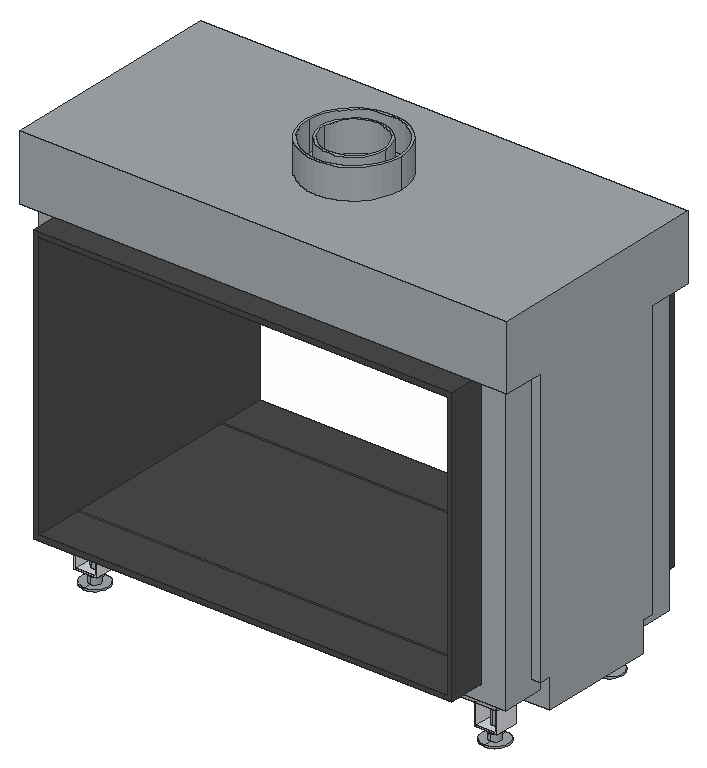
Revit family "METALFIRE_AVENUE_MF_GHE_T", category Mechanical Equipment, host Wall, Revit 2017
Family settings
  Host = Wall
  Round Connector Dimension = Use Diameter
  Part Type = Normal
  OmniClass Number = 23.75.00.00
  OmniClass Title = Climate Control (HVAC)
  Always vertical = Yes
  Cut with Voids When Loaded = No
  Shared = No
  Room Calculation Point = Yes
Parameters (values of type "900 x 600 mm")
  WIDTH = 900 mm
  WEIGHT = 100.00 kg
  URL = "https://www.metalfire.eu"
  TECHNICAL SHEET = "https://www.metalfire.eu/en/products/gas-fireplaces/avenue"
  SMOKE EXHAUST = "Ø130/200 mm"
  PRODUCT SHEET = "https://www.archiproducts.com/en/products/metalfire/double-sided-gas-closed-fireplace-avenue-tunnel_457055"
  PRODUCT CODE = "MF 900-60 GHE T"
  OVERALL WIDTH = 1073 mm
  OVERALL HEIGHT = 1010 mm
  OVERALL DEPTH = 488 mm
  OUTPUT = 8.4 kW
  Model = "Avenue"
  Manufacturer = "Metalfire"
  MATERIAL DESCRIPTION = "Iron, galvanized steel and vermiculite plates"
  HEIGHT = 590 mm
  FRAME MATERIAL = Iron - Metalfire
  FINISHING MATERIAL = Black painted vermiculite plates - Metalfire
  ENERGY EFFICIENCY CLASS = "B"
  EFFICIENCY = 84.50%
  Description = "The Avenue represents the gas-fired high efficiency closed fireplaces in the Metalfire range."
  BIM USER MANUAL = "https://img.edilportale.com/bim/METALFIRE-BIM-USER-MANUAL-Metalfire-bim.pdf"
  BIM BADGE = "https://bim.archiproducts.com/en/badge/bim-archiproducts-featured_658700/about"
  BIM AUTHOR = "https://bim.archiproducts.com"
Types (2, lengths in mm): name | WIDTH | PRODUCT CODE | OVERALL WIDTH | OVERALL HEIGHT | OUTPUT | HEIGHT | EFFICIENCY
  900 x 600 mm | 900 | "MF 900-60 GHE T" | 1073 | 1010 | 8.4 kW | 590 | 84.50%
  1050 x 400 mm | 1050 | "MF 1050-40 GHE T" | 1223 | 778 | 8.3 kW | 390 | 84.00%
Reference planes
  plane 1 "Wall": y = 0
  plane 2 "Center (Left/Right)": x = 0
  plane 3 "Back": y = 305
  plane 4: x = 450
  plane 5: x = -450
  plane 6: z = 153.5
  plane 7: z = 743.5
  plane 8: x = -441
  plane 9: x = 441
Forms (mm)
  Extrusion 1, void
    sketch origin (0, 305, 0) x (1, 0, 0) y (0, 0, 1)
      loop
        line (460, 143.5) -> (460, 753.5) -> (-460, 753.5) -> (-460, 143.5) -> (460, 143.5)
    from 0 to 610
  Extrusion 2, solid, material "Iron - Metalfire" <- "FRAME MATERIAL", detail levels fine
    sketch origin (0, 292, 0) x (0, -1, 0) y (0, 0, 1)
      loop
        line (43, 896.5) -> (43, 753.5) -> (67, 753.5) -> (67, 110.5) -> (517, 110.5) -> (517, 753.5) -> (541, 753.5) -> (541, 896.5) -> (43, 896.5)
    from 460 to 514
  Extrusion 3, solid, material "Iron - Metalfire" <- "FRAME MATERIAL", detail levels fine
    sketch origin (0, 373.083, 0) x (-1, 0, 0) y (0, -1, 0)
      loop
        circle (0, 373.083) r 100
      loop
        circle (0, 373.083) r 105
    from 896.5 to 962.5
  Extrusion 4, solid, material "Black painted vermiculite plates - Metalfire" <- "FINISHING MATERIAL", detail levels medium+fine
    sketch origin (0, 0, 0) x (1, 0, 0) y (0, 0, 1)
      loop
        line (460, 143.5) -> (460, 753.5) -> (-460, 753.5) -> (-460, 143.5) -> (460, 143.5)
      loop
        line (450, 153.5) -> (450, 743.5) -> (-450, 743.5) -> (-450, 153.5) -> (450, 153.5)
    from -305 to 305
  Extrusion 5, solid, material "Iron - Metalfire" <- "FRAME MATERIAL", detail levels fine
    sketch origin (0, 292, 0) x (0, -1, 0) y (0, 0, -1)
      loop
        line (43, -896.5) -> (541, -896.5) -> (541, -753.5) -> (517, -753.5) -> (517, -110.5) -> (67, -110.5) -> (67, -753.5) -> (43, -753.5) -> (43, -896.5)
    from 460 to 514
  Extrusion 6, solid, material "Iron - Metalfire" <- "FRAME MATERIAL", detail levels fine
    sketch origin (0, 292, 0) x (0, -1, 0) y (0, 0, -1)
      loop
        line (43, -896.5) -> (541, -896.5) -> (541, -753.5) -> (43, -753.5) -> (43, -896.5)
      loop
        line (67, -110.5) -> (67, -143.5) -> (517, -143.5) -> (517, -110.5) -> (67, -110.5)
    from -460 to 460
  Extrusion 7, solid, material "Clear Glass - Metalfire", detail levels medium+fine
    sketch origin (0, 292, 0) x (-1, 0, 0) y (0, 0, 1)
      loop
        line (-450, 153.5) -> (450, 153.5) -> (450, 743.5) -> (-450, 743.5) -> (-450, 153.5)
    from -98 to -93
  Extrusion 8, solid, material "Iron - Metalfire" <- "FRAME MATERIAL", detail levels fine
    sketch origin (0, 373.083, 0) x (-1, 0, 0) y (0, -1, 0)
      loop
        circle (0, 373.083) r 65
      loop
        circle (0, 373.083) r 70
    from 896.5 to 962.5
  Revolve 9, solid, material "Iron - Metalfire" <- "FRAME MATERIAL", detail levels fine
    sketch origin (-441, 139.7, 4000) x (0, 1, 0) y (0, 0, 1)
      loop
        line (12, -4000) -> (12, -3922) -> (4, -3922) -> (4, -3984) -> (0, -3984) -> (0, -3997) -> (-18, -3997) -> (-18, -4000) -> (12, -4000)
      axis (12, -3922) -> (12, -4000)
    angle from 0 to 360
  Extrusion 10, solid, detail levels fine
    sketch origin (38, 537.2, 0) x (-1, 0, 0) y (0, 0, -1)
      loop
        line (457, -78) -> (457, -32.8) -> (501, -32.8) -> (501, -78) -> (504, -78) -> (504, -29.8) -> (454, -29.8) -> (454, -78) -> (457, -78)
    from 359.5 to 411.5
  Extrusion 11, solid, material "Iron - Metalfire" <- "FRAME MATERIAL", detail levels fine
    sketch origin (0, 0, 0) x (1, 0, 0) y (0, 0, 1)
      loop
        line (466, 110.5) -> (-466, 110.5) -> (-466, 78) -> (466, 78) -> (466, 110.5)
    from -177.7 to 187.8
  Extrusion 12, solid, material "Clear Glass - Metalfire", detail levels medium+fine
    sketch origin (0, -292, 0) x (-1, 0, 0) y (0, 0, -1)
      loop
        line (-450, -153.5) -> (-450, -743.5) -> (450, -743.5) -> (450, -153.5) -> (-450, -153.5)
    from -98 to -93
  Extrusion 13, solid, material "Iron - Metalfire" <- "FRAME MATERIAL", detail levels fine
    sketch origin (0, 0, 0) x (0, 1, 0) y (0, 0, -1)
      loop
        line (-249, -896.5) -> (249, -896.5) -> (249, -753.5) -> (150, -753.5) -> (150, -143.5) -> (125, -143.5) -> (125, -78) -> (-130, -78) -> (-130, -143.5) -> (-155, -143.5) -> (-155, -753.5) -> (-249, -753.5) -> (-249, -896.5)
    from 536 to 514
  Extrusion 14, solid, material "Iron - Metalfire" <- "FRAME MATERIAL", detail levels fine
    sketch origin (0, 0, 0) x (1, 0, 0) y (0, 1, 0)
      loop
        line (-514, -130) -> (-466, -130) -> (-466, 125) -> (-514, 125) -> (-514, -130)
      loop
        line (514, -130) -> (514, 125) -> (466, 125) -> (466, -130) -> (514, -130)
    from 110.5 to 78
  Extrusion 15, void
    sketch origin (0, 0, 0) x (1, 0, 0) y (0, 1, 0)
      loop
        line (-536, -249) -> (536, -249) -> (536, 249) -> (-536, 249) -> (-536, -249)
    from 0 to 962.5
  Extrusion 16, solid, material "Iron - Metalfire" <- "FRAME MATERIAL", detail levels fine
    sketch origin (0, 0, 0) x (0, 1, 0) y (0, 0, 1)
      loop
        line (-249, 896.5) -> (-249, 753.5) -> (-155, 753.5) -> (-155, 143.5) -> (-130, 143.5) -> (-130, 78) -> (125, 78) -> (125, 143.5) -> (150, 143.5) -> (150, 753.5) -> (249, 753.5) -> (249, 896.5) -> (-249, 896.5)
    from 536 to 514
  Revolve 17, solid, material "Iron - Metalfire" <- "FRAME MATERIAL", detail levels fine
    sketch origin (-441, 139.7, 4000) x (0, 1, 0) y (0, 0, 1)
      loop
        line (-301.5, -4000) -> (-271.5, -4000) -> (-271.5, -3997) -> (-289.5, -3997) -> (-289.5, -3984) -> (-293.5, -3984) -> (-293.5, -3922) -> (-301.5, -3922) -> (-301.5, -4000)
      axis (-301.5, -3922) -> (-301.5, -4000)
    angle from 0 to 360
  Extrusion 18, solid, detail levels fine
    sketch origin (38, -537.2, 0) x (-1, 0, 0) y (0, 0, 1)
      loop
        line (457, 78) -> (454, 78) -> (454, 29.8) -> (504, 29.8) -> (504, 78) -> (501, 78) -> (501, 32.8) -> (457, 32.8) -> (457, 78)
    from 349.4 to 401.4
  Revolve 19, solid, material "Iron - Metalfire" <- "FRAME MATERIAL", detail levels fine
    sketch origin (441, 139.7, 4000) x (0, 1, 0) y (0, 0, 1)
      loop
        line (12, -4000) -> (12, -3922) -> (4, -3922) -> (4, -3984) -> (0, -3984) -> (0, -3997) -> (-18, -3997) -> (-18, -4000) -> (12, -4000)
      axis (12, -3922) -> (12, -4000)
    angle from 0 to 360
  Extrusion 20, solid, detail levels fine
    sketch origin (-38, 537.2, 0) x (1, 0, 0) y (0, 0, 1)
      loop
        line (457, 78) -> (454, 78) -> (454, 29.8) -> (504, 29.8) -> (504, 78) -> (501, 78) -> (501, 32.8) -> (457, 32.8) -> (457, 78)
    from 359.5 to 411.5
  Revolve 21, solid, material "Iron - Metalfire" <- "FRAME MATERIAL", detail levels fine
    sketch origin (441, 139.7, 4000) x (0, 1, 0) y (0, 0, 1)
      loop
        line (-301.5, -4000) -> (-271.5, -4000) -> (-271.5, -3997) -> (-289.5, -3997) -> (-289.5, -3984) -> (-293.5, -3984) -> (-293.5, -3922) -> (-301.5, -3922) -> (-301.5, -4000)
      axis (-301.5, -3922) -> (-301.5, -4000)
    angle from 0 to 360
  Extrusion 22, solid, detail levels fine
    sketch origin (-38, -537.2, 0) x (1, 0, 0) y (0, 0, -1)
      loop
        line (457, -78) -> (457, -32.8) -> (501, -32.8) -> (501, -78) -> (504, -78) -> (504, -29.8) -> (454, -29.8) -> (454, -78) -> (457, -78)
    from 349.4 to 401.4
Cuts and joins
  joined: Extrusion 2, Extrusion 5, Extrusion 6, Extrusion 11, Extrusion 13, Extrusion 14, Extrusion 16
Text (mm)
  text "Placement side" at (-1820.995, 1116.779, 0), in view "Ref. Level"
  text "Placement side" at (0, 1334.055, 2976.191), in view "Left"
  text "Placement side" at (0, 439.194, 2944.362), in view "Right"
Dimensions and locks
  locked: plane 3 "Back" to host wall
  equal spacing: plane 5, plane 2 "Center (Left/Right)", plane 4
  "WIDTH": plane 5 to plane 4
  locked: level to plane 6 at 153.5
  "HEIGHT": plane 6 to plane 7
  locked: plane 7 to Extrusion 3 at 219
  locked: Extrusion 5 sketch curve to plane 7 at 10
  locked: Extrusion 5 sketch curve to plane 7 at 153
  locked: plane 6 to Extrusion 5 sketch curve at 43
  locked: plane 6 to Extrusion 2 sketch curve at 43
  locked: Extrusion 2 sketch curve to plane 7 at 10
  locked: Extrusion 2 sketch curve to plane 7 at 153
  locked: Extrusion 6 sketch curve to plane 7 at 10
  locked: Extrusion 6 sketch curve to plane 7 at 153
  locked: plane 6 to Extrusion 6 sketch curve at 10
  locked: plane 6 to Extrusion 6 sketch curve at 43
  locked: plane 5 to Extrusion 10 at 16
  Extrusion 11 to level = 78 mm
  Extrusion 5 sketch curve to Extrusion 5 sketch curve = 24 mm
  locked: Extrusion 13 to plane 5 at 86
  Extrusion 4 to plane 3 "Back" = 610 mm
  Extrusion 13 sketch curve to Extrusion 13 sketch curve to Extrusion 13 sketch curve to Extrusion 13 sketch curve to Extrusion 13 sketch curve to Extrusion 13 sketch curve = 99 mm locked, 25 mm locked, 255 mm locked, 25 mm locked, 94 mm locked
  plane 3 "Back" to Extrusion 2 sketch curve to Extrusion 2 sketch curve to Extrusion 2 sketch curve to Extrusion 2 sketch curve = 56 mm, 24 mm locked, 450 mm locked, 24 mm locked
  Extrusion 12 to Extrusion 12 to Extrusion 7 to Extrusion 7 to plane 3 "Back" = 5 mm locked, 388 mm locked, 5 mm locked, 106 mm
  Extrusion 11 to Extrusion 11 to plane 3 "Back" = 365.5 mm locked, 127.3 mm
  plane 3 "Back" to Extrusion 10 = 127.3 mm
  Extrusion 14 to Extrusion 14 to plane 3 "Back" = 255 mm locked, 180 mm  (x2)
  Extrusion 16 sketch curve to Extrusion 16 sketch curve to Extrusion 16 sketch curve to Extrusion 16 sketch curve to Extrusion 16 sketch curve to Extrusion 16 sketch curve = 99 mm locked, 25 mm locked, 255 mm locked, 25 mm locked, 94 mm locked
  locked: Extrusion 4 sketch curve to Extrusion 7 at 10  (x3)
  locked: Extrusion 7 to Extrusion 4 sketch curve at 10
  cut or joined group of Extrusion 2, Extrusion 5, Extrusion 6, Extrusion 11, Extrusion 13, Extrusion 14, Extrusion 16 to cut or joined group of Extrusion 2, Extrusion 5, Extrusion 6, Extrusion 11, Extrusion 13, Extrusion 14, Extrusion 16 to cut or joined group of Extrusion 2, Extrusion 5, Extrusion 6, Extrusion 11, Extrusion 13, Extrusion 14, Extrusion 16 = 22 mm locked, 54 mm locked
  cut or joined group of Extrusion 2, Extrusion 5, Extrusion 6, Extrusion 11, Extrusion 13, Extrusion 14, Extrusion 16 to cut or joined group of Extrusion 2, Extrusion 5, Extrusion 6, Extrusion 11, Extrusion 13, Extrusion 14, Extrusion 16 to cut or joined group of Extrusion 2, Extrusion 5, Extrusion 6, Extrusion 11, Extrusion 13, Extrusion 14, Extrusion 16 = 54 mm locked, 22 mm locked
  cut or joined group of Extrusion 2, Extrusion 5, Extrusion 6, Extrusion 11, Extrusion 13, Extrusion 14, Extrusion 16 to plane 1 "Wall" to cut or joined group of Extrusion 2, Extrusion 5, Extrusion 6, Extrusion 11, Extrusion 13, Extrusion 14, Extrusion 16 = 249 mm locked, 249 mm locked  (x2)
  cut or joined group of Extrusion 2, Extrusion 5, Extrusion 6, Extrusion 11, Extrusion 13, Extrusion 14, Extrusion 16 to plane 1 "Wall" to cut or joined group of Extrusion 2, Extrusion 5, Extrusion 6, Extrusion 11, Extrusion 13, Extrusion 14, Extrusion 16 = 187.8 mm locked, 177.7 mm locked
  locked: Extrusion 10 to Revolve 9 sketch curve at 26
  locked: Extrusion 10 to Extrusion 10 at 52
  plane 1 "Wall" to Revolve 9 sketch curve = 151.7 mm
  locked: Extrusion 18 to Revolve 17 sketch curve at 26
  locked: Extrusion 18 to Extrusion 18 at 52
  locked: Extrusion 20 to Revolve 19 sketch curve at 26
  locked: Extrusion 20 to Extrusion 20 at 52
  locked: Extrusion 22 to Revolve 21 sketch curve at 26
  locked: Extrusion 22 to Extrusion 22 at 52
  cut or joined group of Extrusion 2, Extrusion 5, Extrusion 6, Extrusion 11, Extrusion 13, Extrusion 14, Extrusion 16 to cut or joined group of Extrusion 2, Extrusion 5, Extrusion 6, Extrusion 11, Extrusion 13, Extrusion 14, Extrusion 16 to plane 4 = 70 mm locked, 16 mm locked
  locked: plane 4 to plane 9 at 9
  locked: plane 8 to plane 5 at 9
  aligned and locked: plane 1 "Wall" to host wall
  aligned and locked: Extrusion 1 to Extrusion 2  (x2)
  aligned and locked: Extrusion 4 to Extrusion 1
  aligned and locked: Extrusion 1 to Extrusion 4
  aligned and locked: plane 7 to Extrusion 4 sketch curve
  aligned and locked: plane 4 to Extrusion 4 sketch curve
  aligned and locked: Extrusion 4 sketch curve to plane 6
  aligned and locked: Extrusion 4 sketch curve to plane 5
  aligned and locked: plane 7 to Extrusion 7 sketch curve
  aligned and locked: plane 4 to Extrusion 7 sketch curve
  aligned and locked: Extrusion 7 sketch curve to plane 6
  aligned and locked: Extrusion 7 sketch curve to plane 5
  aligned and locked: Extrusion 3 to Extrusion 8  (x2)
  aligned and locked: Extrusion 6 to Extrusion 5
  aligned and locked: Extrusion 6 to Extrusion 2  (x4)
  aligned and locked: Extrusion 11 sketch curve to Extrusion 10  (x2)
  aligned and locked: Extrusion 14 sketch curve to Extrusion 11
  aligned and locked: Extrusion 11 to Extrusion 14 sketch curve
  aligned and locked: Extrusion 14 to Extrusion 11
  aligned and locked: Extrusion 2 to Extrusion 6
  aligned and locked: Extrusion 5 sketch curve to Extrusion 2
  aligned and locked: Extrusion 5 sketch curve to Extrusion 13
  aligned and locked: Extrusion 15 sketch curve to cut or joined group of Extrusion 2, Extrusion 5, Extrusion 6, Extrusion 11, Extrusion 13, Extrusion 14, Extrusion 16  (x4)
  aligned and locked: Extrusion 15 to Extrusion 3
  aligned and locked: Extrusion 3 to cut or joined group of Extrusion 2, Extrusion 5, Extrusion 6, Extrusion 11, Extrusion 13, Extrusion 14, Extrusion 16
  aligned and locked: Extrusion 16 to cut or joined group of Extrusion 2, Extrusion 5, Extrusion 6, Extrusion 11, Extrusion 13, Extrusion 14, Extrusion 16
  aligned and locked: Extrusion 4 to cut or joined group of Extrusion 2, Extrusion 5, Extrusion 6, Extrusion 11, Extrusion 13, Extrusion 14, Extrusion 16
  aligned and locked: Extrusion 2 to Extrusion 13
  aligned and locked: Extrusion 5 to Extrusion 14
  aligned and locked: nested 1 to cut or joined group of Extrusion 2, Extrusion 5, Extrusion 6, Extrusion 11, Extrusion 13, Extrusion 14, Extrusion 16  (x3)
  aligned and locked: cut or joined group of Extrusion 2, Extrusion 5, Extrusion 6, Extrusion 11, Extrusion 13, Extrusion 14, Extrusion 16 to nested 1
  aligned and locked: host wall to Extrusion 4  (x2)
  aligned and locked: host wall to Extrusion 1  (x2)
  aligned and locked: cut or joined group of Extrusion 2, Extrusion 5, Extrusion 6, Extrusion 11, Extrusion 13, Extrusion 14, Extrusion 16 to cut or joined group of Extrusion 2, Extrusion 5, Extrusion 6, Extrusion 11, Extrusion 13, Extrusion 14, Extrusion 16  (x2)
  aligned and locked: Revolve 9 sketch curve to Revolve 9 sketch curve
  aligned and locked: Extrusion 10 to cut or joined group of Extrusion 2, Extrusion 5, Extrusion 6, Extrusion 11, Extrusion 13, Extrusion 14, Extrusion 16
  aligned and locked: Revolve 17 sketch curve to Revolve 17 sketch curve
  aligned and locked: cut or joined group of Extrusion 2, Extrusion 5, Extrusion 6, Extrusion 11, Extrusion 13, Extrusion 14, Extrusion 16 to Extrusion 18
  aligned and locked: Revolve 19 sketch curve to Revolve 19 sketch curve
  aligned and locked: Revolve 21 sketch curve to Revolve 21 sketch curve
  aligned and locked: Extrusion 5 to Extrusion 16
Automatic sketch dimensions
  Extrusion 1 sketch curve to plane 5 = 10 mm
  plane 4 to Extrusion 1 sketch curve = 10 mm
  Extrusion 1 sketch curve to plane 6 = 10 mm
  plane 7 to Extrusion 1 sketch curve = 10 mm
  plane 7 to Extrusion 2 sketch curve = 10 mm
  Extrusion 3 sketch curve to Extrusion 3 sketch curve = 0 mm  (x2)
  host wall to Extrusion 3 sketch curve = 0 mm
  Extrusion 3 sketch curve to plane 2 "Center (Left/Right)" = 0 mm
  Extrusion 5 sketch curve to host wall = 225 mm
  plane 7 to Extrusion 5 sketch curve = 10 mm
  Extrusion 6 sketch curve to host wall = 249 mm
  Extrusion 6 sketch curve to host wall = 225 mm
  host wall to Extrusion 6 sketch curve = 225 mm
  host wall to Extrusion 6 sketch curve = 249 mm
  Extrusion 8 sketch curve to Extrusion 8 sketch curve = 0 mm  (x2)
  host wall to Extrusion 8 sketch curve = 0 mm
  Extrusion 8 sketch curve to plane 2 "Center (Left/Right)" = 0 mm
  plane 5 to Extrusion 10 sketch curve = 34 mm
  Extrusion 10 sketch curve to Extrusion 10 sketch curve = 3 mm  (x3)
  Extrusion 10 sketch curve to plane 5 = 13 mm
  Extrusion 10 sketch curve to plane 6 = 75.5 mm
  Extrusion 10 sketch curve to Extrusion 10 sketch curve = 0 mm
  level to Extrusion 10 sketch curve = 32.8 mm
  plane 4 to Extrusion 11 sketch curve = 16 mm
  Extrusion 11 sketch curve to Extrusion 11 sketch curve = 32.5 mm
  Extrusion 12 sketch curve to plane 4 = 0 mm
  Extrusion 12 sketch curve to plane 5 = 0 mm
  Extrusion 12 sketch curve to plane 7 = 0 mm
  Extrusion 12 sketch curve to plane 6 = 0 mm
  host wall to Extrusion 13 sketch curve = 249 mm
  plane 7 to Extrusion 13 sketch curve = 153 mm
  plane 7 to Extrusion 13 sketch curve = 10 mm  (x2)
  Extrusion 13 sketch curve to plane 6 = 10 mm  (x2)
  Extrusion 13 sketch curve to Extrusion 13 sketch curve = 65.5 mm
  Extrusion 14 sketch curve to Extrusion 14 sketch curve = 48 mm  (x2)
  host wall to Extrusion 14 sketch curve = 130 mm  (x2)
  Extrusion 14 sketch curve to host wall = 125 mm  (x2)
  host wall to Extrusion 16 sketch curve = 249 mm
  Extrusion 16 sketch curve to plane 6 = 75.5 mm
  Extrusion 16 sketch curve to plane 6 = 10 mm  (x2)
  plane 7 to Extrusion 16 sketch curve = 10 mm  (x2)
  Extrusion 16 sketch curve to Extrusion 16 sketch curve = 143 mm
  plane 5 to Extrusion 18 sketch curve = 34 mm
  Extrusion 18 sketch curve to Extrusion 18 sketch curve = 3 mm  (x3)
  Extrusion 18 sketch curve to plane 5 = 13 mm
  level to Extrusion 18 sketch curve = 29.8 mm
  Extrusion 18 sketch curve to Extrusion 18 sketch curve = 45.2 mm  (x2)
  Extrusion 20 sketch curve to plane 4 = 34 mm
  Extrusion 20 sketch curve to Extrusion 20 sketch curve = 3 mm  (x3)
  plane 4 to Extrusion 20 sketch curve = 13 mm
  level to Extrusion 20 sketch curve = 29.8 mm
  Extrusion 20 sketch curve to Extrusion 20 sketch curve = 45.2 mm  (x2)
  Extrusion 22 sketch curve to plane 4 = 34 mm
  Extrusion 22 sketch curve to Extrusion 22 sketch curve = 3 mm  (x3)
  plane 4 to Extrusion 22 sketch curve = 13 mm
  Extrusion 22 sketch curve to plane 6 = 75.5 mm
  Extrusion 22 sketch curve to Extrusion 22 sketch curve = 0 mm
  level to Extrusion 22 sketch curve = 32.8 mm
  Revolve 9 sketch curve to level = 0 mm
  Revolve 9 sketch curve to Revolve 9 sketch curve = 8 mm
  Revolve 9 sketch curve to Revolve 9 sketch curve = 4 mm
  level to Revolve 9 sketch curve = 3 mm
  Revolve 9 sketch curve to Revolve 9 sketch curve = 18 mm
  Revolve 9 sketch curve to Revolve 9 sketch curve = 13 mm
  Revolve 9 sketch curve to Revolve 9 sketch curve = 62 mm
  Revolve 9 sketch curve to Revolve 9 sketch curve = 38.099 mm
  Revolve 9 sketch curve to plane 6 = 16.599 mm
  Revolve 17 sketch curve to level = 0 mm
  Revolve 17 sketch curve to Revolve 17 sketch curve = 8 mm
  Revolve 17 sketch curve to Revolve 17 sketch curve = 4 mm
  Revolve 17 sketch curve to Revolve 17 sketch curve = 18 mm
  level to Revolve 17 sketch curve = 3 mm
  Revolve 17 sketch curve to Revolve 17 sketch curve = 13 mm
  Revolve 17 sketch curve to Revolve 17 sketch curve = 62 mm
  Revolve 17 sketch curve to Revolve 17 sketch curve = 38.099 mm
  Revolve 17 sketch curve to plane 6 = 16.599 mm
  Revolve 19 sketch curve to level = 0 mm
  Revolve 19 sketch curve to Revolve 19 sketch curve = 8 mm
  Revolve 19 sketch curve to Revolve 19 sketch curve = 4 mm
  Revolve 19 sketch curve to level = 3 mm
  Revolve 19 sketch curve to Revolve 19 sketch curve = 18 mm
  Revolve 19 sketch curve to Revolve 19 sketch curve = 13 mm
  Revolve 19 sketch curve to Revolve 19 sketch curve = 62 mm
  level to Revolve 19 sketch curve = 38.099 mm
  plane 6 to Revolve 19 sketch curve = 16.599 mm
  Revolve 21 sketch curve to level = 0 mm
  Revolve 21 sketch curve to Revolve 21 sketch curve = 8 mm
  Revolve 21 sketch curve to Revolve 21 sketch curve = 4 mm
  Revolve 21 sketch curve to Revolve 21 sketch curve = 18 mm
  Revolve 21 sketch curve to level = 3 mm
  Revolve 21 sketch curve to Revolve 21 sketch curve = 13 mm
  Revolve 21 sketch curve to Revolve 21 sketch curve = 62 mm
  level to Revolve 21 sketch curve = 38.099 mm
  plane 6 to Revolve 21 sketch curve = 16.599 mm
  radius of Extrusion 3 sketch curve = 100 mm
  radius of Extrusion 3 sketch curve = 105 mm
  radius of Extrusion 8 sketch curve = 65 mm
  radius of Extrusion 8 sketch curve = 70 mm
Nested families
  nested 1: "FIREPLACE_SYMBOL_detail item" at (0, 0, 0), type "FIREPLACE_SYMBOL_detail item", detail levels coarse
    with WIDTH 1072 mm, HEIGHT 498 mm
Connectors
  piping at (0, 0, 962.5), diameter 130
    settings: on Extrusion 8, index 1, connector inside diameter 609.6 mm, connector length 0 mm, flow factor 0, pipe flow 0.0 L/s, pressure drop 0.0 Pa, fitting loss kfactor 0, connector angle 0.00°, fixture units 0, engagement length 0 mm, angle of deflection 0.00°, flow configuration 0, flow direction 2, fitting loss method 0, system type 22, joint type 0, gender type 0, connector reference index -1, connector utility 0, adjustable connector no, is connector primary yes, connector description ""
Definition of nested family "FIREPLACE_SYMBOL_detail item"
  Parameters (values of type "FIREPLACE_SYMBOL_detail item")
    WIDTH [instance] = 500 mm
    HEIGHT [instance] = 500 mm
  Reference planes
    plane 1 "Center (Front/Back)": y = 0
    plane 2: z = 0
    plane 3 "Center (Left/Right)": x = 0
    plane 4: x = 250
    plane 5: x = -250
    plane 6: y = 250
    plane 7: y = -250
  Lines and regions (mm)
    Filled region 1, type "Concrete", in view "Ref. Level"
      outline origin (-246.617, 90, 0) x (1, 0, 0) y (0, 1, 0)
        loop
          line (-3.383, -340) -> (496.617, -340) -> (496.617, 160) -> (-3.383, -340)
    detail lines, in view "Ref. Level"
      curve 1: line (-250, 250, 0) -> (250, 250, 0)
      curve 2: line (-250, -250, 0) -> (-250, 250, 0)
      curve 3: line (250, -250, 0) -> (-250, -250, 0)
      curve 4: line (250, 250, 0) -> (250, -250, 0)
  Dimensions and locks
    equal spacing: plane 5, plane 3 "Center (Left/Right)", plane 4
    equal spacing: plane 7, plane 1 "Center (Front/Back)", plane 6
    "WIDTH": plane 5 to plane 4
    "HEIGHT": plane 7 to plane 6
    aligned and locked: plane 6 to curve 1
    aligned and locked: plane 5 to curve 2
    aligned and locked: curve 3 to plane 7
    aligned and locked: curve 4 to plane 4
    aligned and locked: plane 6 to Filled region 1 sketch curve
    aligned and locked: plane 5 to Filled region 1 sketch curve
    aligned and locked: Filled region 1 sketch curve to plane 4
    aligned and locked: plane 7 to Filled region 1 sketch curve
